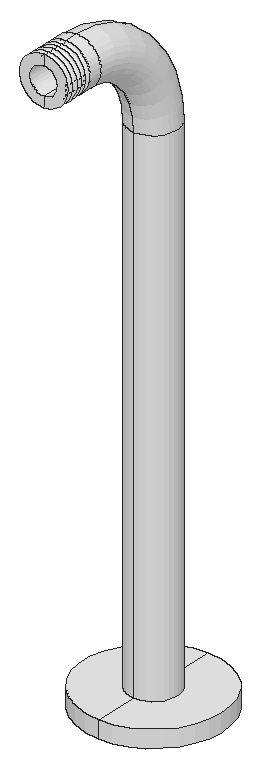
Revit family "Shower_Arm-American_Standard-Rain-1660.194", category Plumbing Fixtures, host Face, Revit 2014
Parameters (values of type "1660.194")
  Width = 2 1/2"  # constant formula
  Water Connection Radius = 1/4"  # constant formula
  Water Connection Diameter = 1/2"  # constant formula
  Waste Connection = no
  Warranty Information = "One Year Limited Warranty"  # constant formula
  WFU = 4
  Vent Connection = no
  URL = "https://www.americanstandard-us.com/"
  Type Comments = ""
  Product Page URL = "https://www.americanstandard-us.com/bathroom/shower-faucets/wall-mount-right-angle-shower-arm-18156"
  Product Documentation Link = "https://www.americanstandard-us.com/-/media/sites/asus/files/product-specs/bulk/specsheet1660194.pdf?la=en"
  Price = "Prices may vary. Please consult Manufacturer Representative for most up-to-date price list."  # constant formula
  Model = "1660.194"
  Material = "Brass-American Standard-002-Polished Chrome"
  Manufacturer = "American Standard"  # constant formula
  Length = 11 3/4"  # constant formula
  Installation Type = "Wall Mount"  # constant formula
  Height = 2 1/2"  # constant formula
  HWFU = 3
  HW Connection = yes
  Finish = Brass-American Standard-002-Polished Chrome
  Description = "12\" Wall Mount Right Angle Shower Arm"
  Default Elevation = 78"  # constant formula
  Creation Date = "01/25/2018"  # constant formula
  CWFU = 3
  CW Connection = yes
  Assembly Code = "D2010700"
Reference planes (in)
  plane 1 "Center (Front/Back)": y = 0
  plane 2: z = 0
  plane 3 "Center (Left/Right)": x = 0
  plane 4: y = -2.5
  plane 5: z = 0.3125
  plane 6: y = 1.25
  plane 7: y = -1.25
  plane 8: z = 11.75
  plane 9: z = 11.5625
  plane 10: z = 11.3125
Forms (in)
  Revolve 1, solid, material "Brass-American Standard-002-Polished Chrome" <- "Finish"
    sketch origin (0, 0, 0) x (0, 1, 0) y (0, 0, 1)
      loop
        line (0, 0) -> (0, 0.3125) -> (-1.25, 0.3125) -> (-1.25, 0) -> (0, 0)
      axis (0, 0.3125) -> (0, 0)
    angle from 0 to 360
  Sweep 2, solid, material "Brass-American Standard-002-Polished Chrome" <- "Finish"
    path origin (0, 0, 0) x (0, 1, 0) y (0, 0, 1)
      loop
        line (0, 0) -> (0, 9.5625)
        arc (0, 9.5625) -> (-0.51256, 10.79994) -> (-1.75, 11.3125) r 1.75
        line (-1.75, 11.3125) -> (-2, 11.3125)
    profile origin (0, 0, 4.78125) x (0, -1, 0) y (1, 0, 0)
      loop
        circle (0, 0) r 0.4375
      loop
        circle (0, 0) r 0.25
  Revolve 3, solid, material "Brass-American Standard-002-Polished Chrome" <- "Finish"
    sketch origin (0, 0, -7.0625) x (0, 1, 0) y (0, 0, 1)
      loop
        line (-2.5, 18.625) -> (-2, 18.625) -> (-2, 18.8125)
        arc (-2, 18.8125) -> (-2.05, 18.7625) -> (-2.1, 18.8125) r 0.05
        arc (-2.1, 18.8125) -> (-2.15, 18.7625) -> (-2.2, 18.8125) r 0.05
        arc (-2.2, 18.8125) -> (-2.25, 18.7625) -> (-2.3, 18.8125) r 0.05
        arc (-2.3, 18.8125) -> (-2.35, 18.7625) -> (-2.4, 18.8125) r 0.05
        arc (-2.4, 18.8125) -> (-2.45, 18.7625) -> (-2.5, 18.8125) r 0.05
        line (-2.5, 18.8125) -> (-2.5, 18.625)
      axis (-2.5, 18.375) -> (-2, 18.375)
    angle from 0 to 360
Cuts and joins
  joined: Revolve 1, Sweep 2, Revolve 3
Lines and regions (in)
  Masking region 1
    outline origin (0, 0, 0) x (1, 0, 0) y (0, 0, 1)
      loop
        line (-1.25, 0.3125) -> (-1.25, 0) -> (1.25, 0) -> (1.25, 0.3125) -> (0.43408, 0.3125) -> (0.43408, 11.80457)
        arc (0.43408, 11.80457) -> (0, 12.1875) -> (-0.43408, 11.80457) r 0.4375
        line (-0.43408, 11.80457) -> (-0.43408, 0.3125) -> (-1.25, 0.3125)
  symbolic lines, detail levels medium+fine
    curve 1: line (0.43408, 0, 0.3125) -> (-0.4375, 0, 0.3125)
Dimensions and locks (in)
  "Length": plane 8 to plane 2
  "Width": plane 6 to plane 7
  "Height": plane 1 "Center (Front/Back)" to plane 4
  plane 9 to plane 8 = 3/16"
  locked: plane 10 to plane 8 at 0.4375
  aligned and locked: plane 2 to host face
  aligned and locked: level to host face
  aligned and locked: Revolve 3 sketch curve to plane 9
  aligned and locked: Sweep 2 sketch curve to plane 10
Automatic sketch dimensions
  host sketch curve to host sketch curve = 96"  (x2)
  plane 5 to Revolve 1 sketch curve = 0"
  Revolve 1 sketch curve to plane 7 = 0"
  Revolve 1 sketch curve to plane 1 "Center (Front/Back)" = 0"  (x2)
  Revolve 1 sketch curve to level = 0"
  Revolve 1 sketch curve to level = 0.41882"
  Revolve 1 sketch curve to Revolve 1 sketch curve = 1.13483"
  Sweep 2 sketch curve to plane 1 "Center (Front/Back)" = 0"
  Sweep 2 sketch curve to level = 0"
  plane 7 to Sweep 2 sketch curve = 1/2"
  Sweep 2 sketch curve to Sweep 2 sketch curve = 1/4"
  Sweep 2 sketch curve to Sweep 2 sketch curve = 0"  (x2)
  Sweep 2 sketch curve to plane 3 "Center (Left/Right)" = 0"
  Sweep 2 sketch curve to profile plane = 0"
  plane 8 to Revolve 3 sketch curve = 7/16"
  Revolve 3 sketch curve to plane 4 = 0"
  Revolve 3 sketch curve to plane 4 = 0.05"
  Revolve 3 sketch curve to Revolve 3 sketch curve = 0.05"  (x2)
  Revolve 3 sketch curve to Revolve 3 sketch curve = 0.1"  (x3)
  Revolve 3 sketch curve to Revolve 3 sketch curve = 3/16"
  Revolve 3 sketch curve to Revolve 3 sketch curve = 0"  (x7)
  plane 4 to Revolve 3 sketch curve = 3/4"
  Revolve 3 sketch curve to Revolve 3 sketch curve = 1"
  Masking region 1 sketch curve to plane 5 = 0"  (x2)
  Masking region 1 sketch curve to plane 3 "Center (Left/Right)" = 0"
  Masking region 1 sketch curve to plane 8 = 0.05457"  (x2)
  Masking region 1 sketch curve to plane 3 "Center (Left/Right)" = 0.43408"
  Masking region 1 sketch curve to Masking region 1 sketch curve = 0.81592"  (x2)
  Masking region 1 sketch curve to level = 0"
  Masking region 1 sketch curve to plane 8 = 0"
  curve 1 to plane 5 = 0"
  curve 1 to plane 3 "Center (Left/Right)" = 7/16"
  plane 3 "Center (Left/Right)" to curve 1 = 0.43408"
  radius of Sweep 2 sketch curve = 7/16"
  radius of Sweep 2 sketch curve = 1/4"
Connectors (in)
  piping at (0, 0, 0), diameter 0.5, driven by "Water Connection Diameter"
    settings: on cut or joined group of Revolve 1, Sweep 2, Revolve 3, index 1, connector inside diameter 24", connector length 0", flow factor 0, pipe flow 0 GPM, pressure drop 0.00 psi, fitting loss kfactor 0, connector angle 0.00°, fixture units 0, engagement length 0", angle of deflection 0.00°, flow configuration 0, flow direction 1, fitting loss method 0, system type 29, joint type 0, gender type 0, connector reference index -1, connector utility 0, adjustable connector no, is connector primary yes, connector description "1/2\" NPT Supply Inlet"
